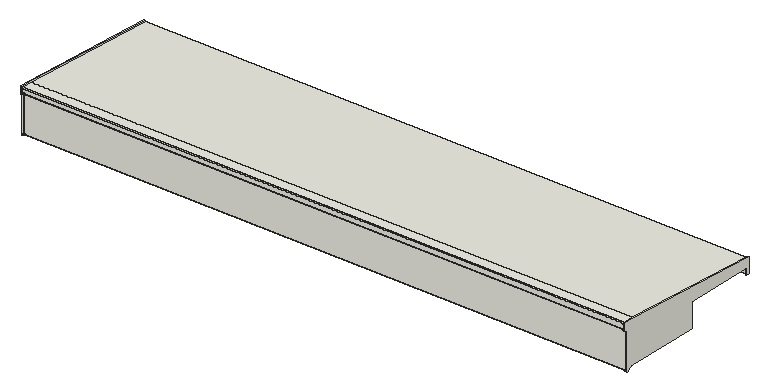
Revit family "NLRS_27_GM_LIB_DR_MR", category Generic Models, Revit 2021
Family settings
  Can host rebar = No
  Round Connector Dimension = Use Diameter
  Part Type = Normal
  Cut with Voids When Loaded = No
  Shared = No
  Room Calculation Point = No
Parameters (values of type "DRA 1")
  false = no
  URL = "https://www.meilofriks.nl/dakranden/"
  Type_Dakrand = DRA : DRA
  Set_Eindschot_R [instance] = if(Graden_R = 90.00°, Eindschot_R, false)  # yes
  Set_Eindschot_L [instance] = if(Graden_L = 90.00°, Eindschot_L, false)  # yes
  NLRS_C_Materiaal [instance] = RAL 9010
  Model = "DRA"
  Manufacturer = "Meilof Riks bv"  # constant formula
  built-in parameter 1001306 [instance] = 3000 mm
  Hoogte_Voorzijde_1 = 200 mm
  Hoogte_Smetplank_2 = 80 mm
  Hoogte_Smetplank_1 = 300 mm
  Graden_R [instance] = 90.00°
  Graden_L [instance] = 90.00°
  Eindschot_R [instance] = yes
  Eindschot_L [instance] = yes
  Druppel_2 = no
  Druppel_1 = yes
  Description = "Dakranden"  # constant formula
  Default Elevation = 0 mm
  Breedte_Voorzijde_Totaal = 400 mm
  Breedte_Spouw = 350 mm
  Breedte_Smetplank_2 = 80 mm
  Breedte_Smetplank_1 = 100 mm
  Assembly Code = "27.16"
Types (7, lengths in mm): name | Type_Dakrand | NLRS_C_Materiaal | Model | built-in parameter 1001306 | Druppel_2 | Druppel_1 | Breedte_Voorzijde_Totaal
  (no name) | DRA : DRA | RAL 9010 | "DRA" | 3000 | no | yes | 400
  DRA 1 | DRA : DRA | RAL 9010 | "DRA" | 3000 | no | yes | 400
  DRVI 1 | DRVI : DRVI | RAL 7036 | "DRVI" | 3000 | yes | yes | 400
  DRVVI 1 | DRVVI : DRVVI | RAL 7036 | "DRVVI" | 3000 | yes | yes | 400
  DRA 2 | DRA : DRA | RAL 7036 | "DRA" | 3000 | no | no | 400
  DRVI 2 | DRVI : DRVI | RAL 7036 | "DRVI" | 2000 | yes | yes | 450
  DRVVI 2 | DRVVI : DRVVI | RAL 7036 | "DRVVI" | 3000 | yes | no | 400
Reference planes
  plane 1 "Center (Front/Back)": y = 0
  plane 2: z = 0
  plane 3 "Left": x = 0
  plane 4 "Right": x = 3000
Lines and regions (mm)
  reference lines
    curve 1: line (0, 0, 0) -> (3000, 0, 0)
Dimensions and locks
  "built-in parameter 1001306": plane 3 "Left" to plane 4 "Right"
  aligned and locked: plane 4 "Right" to curve 1
  aligned and locked: plane 1 "Center (Front/Back)" to curve 1
  aligned and locked: plane 3 "Left" to curve 1
  aligned and locked: level to plane 2
  aligned and locked: plane 1 "Center (Front/Back)" to nested 1
  aligned and locked: plane 3 "Left" to nested 1
  aligned and locked: plane 4 "Right" to nested 1
Nested families
  nested 1: "DRA" at (0, 0, 0), Graden_L <- "Graden_L", Graden_R <- "Graden_R", type <- "Type_Dakrand", Eindschot_L <- "Set_Eindschot_L", Eindschot_R <- "Set_Eindschot_R", type "DRA"
    with built-in parameter 1001306 3000 mm, Graden_R 90.00°, Graden_L 90.00°, Set_Vlak_2 -318.493 mm, Set_Vlak_1 -250 mm, Set_Hoeklijn -118.493 mm, Hoogte_Bovenzijde 81.507 mm, Set_Druppel_1 -118.493 mm, Druppel_1 yes, Breedte_Voorzijde_Totaal 400 mm
Definition of nested family "DRA"
  Parameters (values of type "DRA")
    Set_Vlak_2 = if(not(Druppel_2), Hoogte_Bovenzijde - Hoogte_Voorzijde_1 - Hoogte_Smetplank_1, -Hoogte_Smetplank_1 - Hoogte_Voorzijde_1 - 50 mm)  # -315.873 mm
    Set_Vlak_1 = if(not(Druppel_1), Hoogte_Bovenzijde - Hoogte_Voorzijde_1, -Hoogte_Voorzijde_1 - 50 mm)  # -115.873 mm
    Set_Hoeklijn = Hoogte_Bovenzijde - Hoogte_Voorzijde_1  # -115.873 mm
    Set_Druppel_2 = if(Druppel_2, Hoogte_Bovenzijde - Hoogte_Voorzijde_1 - Hoogte_Smetplank_1, -Hoogte_Smetplank_1 - Hoogte_Voorzijde_1 - 50 mm)  # -450 mm
    NLRS_C_Materiaal = none
    built-in parameter 1001306 [instance] = 1200 mm
    Hoogte_Voorzijde_1 = 200 mm
    Hoogte_Smetplank_2 = 50 mm
    Hoogte_Smetplank_1 = 200 mm
    Hoogte_Bovenzijde = (tan(3.00°) * (Breedte_Spouw + Breedte_Voorzijde_Totaal + 42 mm)) + 40 mm  # 84.127 mm
    Set_Druppel_1 = if(Druppel_1, Hoogte_Bovenzijde - Hoogte_Voorzijde_1, -Hoogte_Voorzijde_1 - 50 mm)  # -250 mm
    Graden_R [instance] = 90.00°
    Graden_L [instance] = 90.00°
    Eindschot_R [instance] = yes
    Eindschot_L [instance] = yes
    Druppel_2 = no
    Druppel_1 = no
    Default Elevation = 0 mm
    Breedte_Voorzijde_Totaal = 450 mm
    Breedte_Spouw = 350 mm
    Breedte_Smetplank_2 = 80 mm
    Breedte_Smetplank_1 = 100 mm
  Reference planes
    plane 1 "Center (Front/Back)": y = 0
    plane 2: z = 0
    plane 3 "Left": x = 0
    plane 4 "Right": x = 1200
    plane 5: y = 350
    plane 6: y = -450
    plane 7: x = -1000
    plane 8: x = 2200
    plane 9: y = -100
    plane 10: x = -2
    plane 11: x = 4
    plane 12: x = -2
    plane 13: x = 4
    plane 14: x = -2
    plane 15: x = 4
    plane 16: x = -2
    plane 17: x = 4
    plane 18: x = 1196
    plane 19: x = 1202
    plane 20: x = 1196
    plane 21: x = 1202
    plane 22: x = 1196
    plane 23: x = 1202
    plane 24: x = 1196
    plane 25: x = 1202
  Forms (mm)
    Sweep 1, solid, material <- "NLRS_C_Materiaal"
      path origin (0, 0, 0) x (1, 0, 0) y (0, 1, 0)
        loop
          line (-1000, 0) -> (2200, 0)
      profile "Profile Dakrand 1 : Profile Dakrand 1" origin (600, 0, 0) x (0, 1, 0) y (0, 0, 1)
        loop
          line (-10, 0) -> (347, 0) -> (347, -30) -> (350, -30) -> (350, 40) -> (-408, 84.127) -> (-480, 84.127) -> (-480, 49.127) -> (-450, 49.127) -> (-450, -150.873) -> (-415, -150.873) -> (-415, -115.873) -> (-10, -115.873) -> (-10, 0)
    Sweep 2, void
      path origin (0, 0, 0) x (1, 0, 0) y (0, 1, 0)
        loop
          line (-1000, -450) -> (2200, -450)
      profile "Algemeen_Druppel : GI" origin (600, -450, 0) x (0, 1, 0) y (0, 0, 1)
        loop
          arc (4.05, -266.263) -> (1.35, -266.263) -> (0, -263.924) r 2.7
          line (0, -263.924) -> (-13.335, -263.924) -> (-13.335, -292.293) -> (54.85, -292.293) -> (54.85, -250) -> (32.218, -250) -> (4.05, -266.263)
    Sweep 3, void
      path origin (0, 0, 0) x (1, 0, 0) y (0, 1, 0)
        loop
          line (-1000, -450) -> (2200, -450)
      profile "Algemeen_Trim : GI" origin (600, -450, 0) x (0, 1, 0) y (0, 0, 1)
        loop
          line (-8.382, 84.127) -> (-40, 84.127) -> (-40, 44.127) -> (0, 44.127) -> (0, 61.309) -> (-6.391, 54.918)
          arc (-6.391, 54.918) -> (-9.333, 54.333) -> (-11, 56.827) r 2.7
          line (-11, 56.827) -> (-11, 81.509)
          arc (-11, 81.509) -> (-10.233, 83.36) -> (-8.382, 84.127) r 2.618
    Sweep 4, void
      path origin (0, 0, 0) x (1, 0, 0) y (0, 1, 0)
        loop
          line (-1000, -450) -> (2200, -450)
      profile "Algemeen_Vlak : GI" origin (600, -450, 0) x (0, 1, 0) y (0, 0, 1)
        loop
          line (0, -113.173) -> (-13.335, -113.173) -> (-13.335, -158.165) -> (54.85, -158.165) -> (54.85, -115.873) -> (2.7, -115.873)
          arc (2.7, -115.873) -> (0.791, -115.082) -> (0, -113.173) r 2.7
    Sweep 5, void
      path origin (0, 0, 0) x (1, 0, 0) y (0, 1, 0)
        loop
          line (-1000, -100) -> (2200, -100)
      profile "Algemeen_Druppel : GI" origin (600, -100, 0) x (0, 1, 0) y (0, 0, 1)
        loop
          arc (4.05, -466.263) -> (1.35, -466.263) -> (0, -463.924) r 2.7
          line (0, -463.924) -> (-13.335, -463.924) -> (-13.335, -492.293) -> (54.85, -492.293) -> (54.85, -450) -> (32.218, -450) -> (4.05, -466.263)
    Sweep 6, void
      path origin (0, 0, 0) x (1, 0, 0) y (0, 1, 0)
        loop
          line (-1000, -100) -> (2200, -100)
      profile "Algemeen_Vlak : GI" origin (600, -100, 0) x (0, 1, 0) y (0, 0, 1)
        loop
          line (0, -313.173) -> (-13.335, -313.173) -> (-13.335, -358.165) -> (54.85, -358.165) -> (54.85, -315.873) -> (2.7, -315.873)
          arc (2.7, -315.873) -> (0.791, -315.082) -> (0, -313.173) r 2.7
    Sweep 7, void
      path origin (0, 0, 0) x (1, 0, 0) y (0, 0, 1)
        loop
          line (0, -1080) -> (0, 500)
      profile "Valsverstek hoek : Valsverstek hoek_L" origin (0, 0, -290) x (-1, 0, 0) y (0, -1, 0)
        loop
          line (0, -440) -> (2000, -440) -> (2000, 540) -> (0, 540) -> (0, 408) -> (0, 0) -> (0, -440)
    Sweep 8, void
      path origin (0, 0, 0) x (1, 0, 0) y (0, 0, 1)
        loop
          line (1200, 1259.273) -> (1200, -1140.727)
      profile "Valsverstek hoek : Valsverstek hoek_R" origin (1200, 0, 59.273) x (1, 0, 0) y (0, -1, 0)
        loop
          line (0, -440) -> (2000, -440) -> (2000, 540) -> (0, 540) -> (0, 408) -> (0, 0) -> (0, -440)
    Sweep 9, solid, material <- "NLRS_C_Materiaal"
      path origin (0, 0, 0) x (1, 0, 0) y (0, 1, 0)
        loop
          line (-1000, 0) -> (2200, 0)
      profile "Hoeklijn 60x60x3 : Hoeklijn 60x60x3" origin (600, 0, 0) x (0, 1, 0) y (0, 0, 1)
        loop
          line (-60, -118.873) -> (0, -118.873) -> (0, -58.873) -> (-3, -58.873) -> (-3, -110.873)
          arc (-3, -110.873) -> (-4.464, -114.408) -> (-8, -115.873) r 5
          line (-8, -115.873) -> (-60, -115.873) -> (-60, -118.873)
    Sweep 10, solid, material <- "NLRS_C_Materiaal", visible <- "Eindschot_L"
      path origin (0, 0, 0) x (1, 0, 0) y (0, 1, 0)
        loop
          line (-2, 0) -> (4, 0)
      profile "Profile Dakrand 1_eindschot : Profile Dakrand 1_eindschot" origin (1, 0, 0) x (0, 1, 0) y (0, 0, 1)
        loop
          line (0, 0) -> (343, 0) -> (343, -33) -> (353, -33) -> (353, 42.8) -> (-407.9, 87.127) -> (-483, 87.127) -> (-483, 49.127) -> (-453, 49.127) -> (-453, -148.873) -> (-418, -148.873) -> (-418, -118.873) -> (0, -118.873) -> (0, 0)
    Sweep 11, void
      path origin (0, 40, 0) x (1, 0, 0) y (0, 1, 0)
        loop
          line (-2, -490) -> (4, -490)
      profile "Algemeen_Trim_kap : GI" origin (1, -450, 0) x (0, 1, 0) y (0, 0, 1)
        loop
          arc (-14.5, 84.427) -> (-13.709, 86.337) -> (-11.8, 87.127) r 2.7
          line (-11.8, 87.127) -> (-49.5, 87.127) -> (-49.5, 17.127) -> (-3, 17.127) -> (-3, 54.566) -> (-4.769, 52.797)
          arc (-4.769, 52.797) -> (-10.981, 51.561) -> (-14.5, 56.827) r 5.7
          line (-14.5, 56.827) -> (-14.5, 84.427)
    Sweep 12, void
      path origin (0, 80, 0) x (1, 0, 0) y (0, 1, 0)
        loop
          line (-2, -530) -> (4, -530)
      profile "Algemeen_waterhol_kap : GI" origin (1, -450, 0) x (0, 1, 0) y (0, 0, 1)
        loop
          line (-18, -116.173) -> (-18, -167.173) -> (52, -167.173) -> (52, -118.873) -> (-0.3, -118.873)
          arc (-0.3, -118.873) -> (-2.209, -118.082) -> (-3, -116.173) r 2.7
          line (-3, -116.173) -> (-18, -116.173)
    Sweep 13, void
      path origin (0, 120, 0) x (1, 0, 0) y (0, 1, 0)
        loop
          line (-2, -570) -> (4, -570)
      profile "Algemeen_druppel_kap : GI" origin (1, -450, 0) x (0, 1, 0) y (0, 0, 1)
        loop
          line (-13.335, -263.823) -> (-13.335, -292.293) -> (54.85, -292.293) -> (54.85, -253) -> (32.847, -253) -> (5.55, -268.76)
          arc (5.55, -268.76) -> (-0.15, -268.76) -> (-3, -263.823) r 5.7
          line (-3, -263.823) -> (-13.335, -263.823)
    Sweep 14, solid, material <- "NLRS_C_Materiaal", visible <- "Eindschot_R"
      path origin (1200, 0, 0) x (1, 0, 0) y (0, 1, 0)
        loop
          line (-4, 0) -> (2, 0)
      profile "Profile Dakrand 1_eindschot : Profile Dakrand 1_eindschot" origin (1199, 0, 0) x (0, 1, 0) y (0, 0, 1)
        loop
          line (0, 0) -> (343, 0) -> (343, -33) -> (353, -33) -> (353, 42.8) -> (-407.9, 87.127) -> (-483, 87.127) -> (-483, 49.127) -> (-453, 49.127) -> (-453, -148.873) -> (-418, -148.873) -> (-418, -118.873) -> (0, -118.873) -> (0, 0)
    Sweep 15, void
      path origin (1200, 40, 0) x (1, 0, 0) y (0, 1, 0)
        loop
          line (-4, -490) -> (2, -490)
      profile "Algemeen_Trim_kap : GI" origin (1199, -450, 0) x (0, 1, 0) y (0, 0, 1)
        loop
          arc (-14.5, 84.427) -> (-13.709, 86.337) -> (-11.8, 87.127) r 2.7
          line (-11.8, 87.127) -> (-49.5, 87.127) -> (-49.5, 17.127) -> (-3, 17.127) -> (-3, 54.566) -> (-4.769, 52.797)
          arc (-4.769, 52.797) -> (-10.981, 51.561) -> (-14.5, 56.827) r 5.7
          line (-14.5, 56.827) -> (-14.5, 84.427)
    Sweep 16, void
      path origin (1200, 80, 0) x (1, 0, 0) y (0, 1, 0)
        loop
          line (-4, -530) -> (2, -530)
      profile "Algemeen_waterhol_kap : GI" origin (1199, -450, 0) x (0, 1, 0) y (0, 0, 1)
        loop
          line (-18, -116.173) -> (-18, -167.173) -> (52, -167.173) -> (52, -118.873) -> (-0.3, -118.873)
          arc (-0.3, -118.873) -> (-2.209, -118.082) -> (-3, -116.173) r 2.7
          line (-3, -116.173) -> (-18, -116.173)
    Sweep 17, void
      path origin (1200, 120, 0) x (1, 0, 0) y (0, 1, 0)
        loop
          line (-4, -570) -> (2, -570)
      profile "Algemeen_druppel_kap : GI" origin (1199, -450, 0) x (0, 1, 0) y (0, 0, 1)
        loop
          line (-13.335, -263.823) -> (-13.335, -292.293) -> (54.85, -292.293) -> (54.85, -253) -> (32.847, -253) -> (5.55, -268.76)
          arc (5.55, -268.76) -> (-0.15, -268.76) -> (-3, -263.823) r 5.7
          line (-3, -263.823) -> (-13.335, -263.823)
  Cuts and joins
    Sweep 2, Sweep 3, Sweep 4, Sweep 5, Sweep 6, Sweep 7, Sweep 8 cuts Sweep 1
    Sweep 7, Sweep 8 cuts Sweep 9
    Sweep 11, Sweep 12, Sweep 13, Sweep 15, Sweep 16 cuts Sweep 10
    Sweep 15, Sweep 16, Sweep 17 cuts Sweep 14
  Lines and regions (mm)
    reference lines
      curve 1: line (0, 0, 0) -> (1200, 0, 0)
  Dimensions and locks
    "built-in parameter 1001306": plane 3 "Left" to plane 4 "Right"
    "Breedte_Spouw": plane 5 to plane 1 "Center (Front/Back)"
    "Breedte_Voorzijde_Totaal": plane 6 to plane 1 "Center (Front/Back)"
    locked: plane 7 to plane 3 "Left" at 1000
    locked: plane 4 "Right" to plane 8 at 1000
    "Breedte_Smetplank_1": plane 9 to plane 1 "Center (Front/Back)"
    locked: Sweep 7 sketch curve to level at 500
    locked: level to Sweep 7 sketch curve at 1080
    plane 10 to plane 3 "Left" = 2 mm
    plane 3 "Left" to plane 11 = 4 mm
    plane 4 "Right" to plane 19 = 2 mm
    plane 18 to plane 4 "Right" = 4 mm
    locked: plane 20 to plane 4 "Right" at 4
    locked: plane 4 "Right" to plane 21 at 2
    locked: plane 22 to plane 4 "Right" at 4
    locked: plane 4 "Right" to plane 23 at 2
    locked: plane 4 "Right" to plane 25 at 2
    locked: plane 24 to plane 4 "Right" at 4
    aligned and locked: plane 4 "Right" to curve 1
    aligned and locked: plane 1 "Center (Front/Back)" to curve 1
    aligned and locked: plane 3 "Left" to curve 1
    aligned and locked: level to plane 2
    aligned and locked: plane 1 "Center (Front/Back)" to Sweep 1 sketch curve
    aligned and locked: plane 7 to Sweep 1 sketch curve
    aligned and locked: plane 8 to Sweep 1 sketch curve
    aligned and locked: plane 7 to Sweep 2 sketch curve
    aligned and locked: plane 8 to Sweep 2 sketch curve
    aligned and locked: Sweep 2 sketch curve to plane 6
    aligned and locked: plane 7 to Sweep 3 sketch curve
    aligned and locked: plane 8 to Sweep 3 sketch curve
    aligned and locked: Sweep 3 sketch curve to plane 6
    aligned and locked: plane 7 to Sweep 4 sketch curve
    aligned and locked: plane 8 to Sweep 4 sketch curve
    aligned and locked: Sweep 4 sketch curve to plane 6
    aligned and locked: plane 7 to Sweep 5 sketch curve
    aligned and locked: plane 8 to Sweep 5 sketch curve
    aligned and locked: Sweep 5 sketch curve to plane 9
    aligned and locked: plane 7 to Sweep 6 sketch curve
    aligned and locked: plane 8 to Sweep 6 sketch curve
    aligned and locked: Sweep 6 sketch curve to plane 9
    aligned and locked: Sweep 7 sketch curve to plane 3 "Left"
    aligned and locked: Sweep 8 sketch curve to plane 4 "Right"
    aligned and locked: plane 7 to Sweep 9 sketch curve
    aligned and locked: plane 8 to Sweep 9 sketch curve
    aligned and locked: plane 1 "Center (Front/Back)" to Sweep 9 sketch curve
    aligned and locked: plane 10 to Sweep 10 sketch curve
    aligned and locked: plane 11 to Sweep 10 sketch curve
    aligned and locked: plane 1 "Center (Front/Back)" to Sweep 10 sketch curve
    aligned and locked: Sweep 11 sketch curve to plane 12
    aligned and locked: Sweep 11 sketch curve to plane 13
    aligned and locked: Sweep 12 sketch curve to plane 14
    aligned and locked: Sweep 12 sketch curve to plane 15
    aligned and locked: Sweep 13 sketch curve to plane 16
    aligned and locked: Sweep 13 sketch curve to plane 17
    aligned and locked: Sweep 11 sketch curve to plane 6
    aligned and locked: Sweep 12 sketch curve to plane 6
    aligned and locked: Sweep 13 sketch curve to plane 6
    aligned and locked: plane 18 to Sweep 14 sketch curve
    aligned and locked: plane 19 to Sweep 14 sketch curve
    aligned and locked: Sweep 15 sketch curve to plane 20
    aligned and locked: Sweep 15 sketch curve to plane 21
    aligned and locked: Sweep 16 sketch curve to plane 22
    aligned and locked: Sweep 16 sketch curve to plane 23
    aligned and locked: Sweep 17 sketch curve to plane 24
    aligned and locked: Sweep 17 sketch curve to plane 25
  Automatic sketch dimensions
    Sweep 8 sketch curve to level = 1140.727 mm
    level to Sweep 8 sketch curve = 1259.273 mm
    plane 1 "Center (Front/Back)" to Sweep 14 sketch curve = 0 mm
    Sweep 15 sketch curve to plane 6 = 0 mm
    Sweep 16 sketch curve to plane 6 = 0 mm
    Sweep 17 sketch curve to plane 6 = 0 mm
